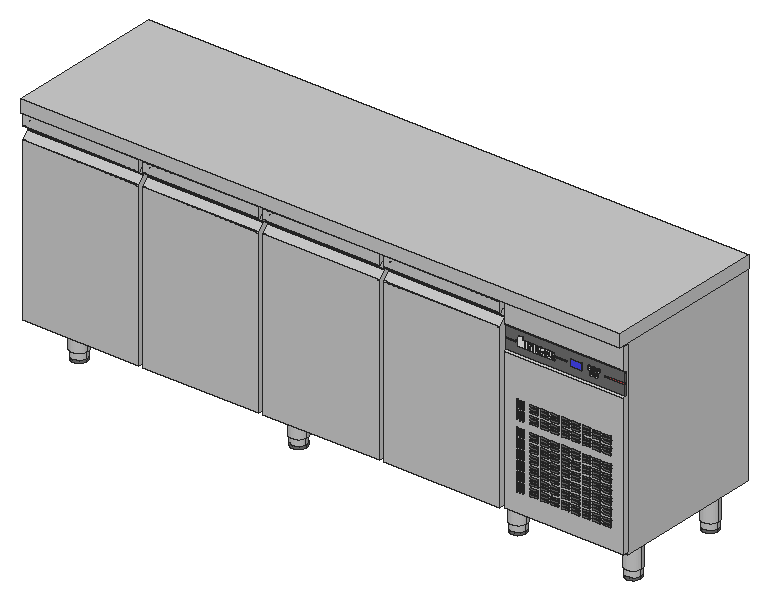
Revit family "QF_INOMAK_PMRP9999_250528093421", category Specialty Equipment, Revit 2021 (continued)
Definition of nested family "QF_INOMAK_REF_COUNTERS_DOORS_DRAWERS_35614"
  Nested families
    nested 6: "Sliding_Doors" at (0, 700, 0), Depth Actual <- "Depth Actual", Height Actual <- "Height Actual", Length Actual <- "Length Actual", Front inset <- "Front inset", Rear inset <- "Rear inset", Left panel thickness <- "Left panel thickness", Right panel thickness <- "Right panel thickness", Doors drawers type <- "Doors drawers type", Plinth height <- "Plinth height", Top inset <- "Top inset", Bottom inset <- "Bottom inset", Finish <- "Finish", type "Sliding doors"
      with Top inset 10 mm, Sliding doors no, Right panel thickness 0 mm, Rear inset 0 mm, Plinth height 0 mm, Length Actual 435 mm, Left panel thickness 0 mm, Height Actual 710 mm, Front inset 10 mm, Finish none, Doors drawers type 8, Depth Actual 700 mm, Bottom inset 10 mm
    nested 7: "4_Drawers_1-4" at (0, 700, 0), Depth Actual <- "Depth Actual", Height Actual <- "Height Actual", Length Actual <- "Length Actual", Front inset <- "Front inset", Rear inset <- "Rear inset", Left panel thickness <- "Left panel thickness", Right panel thickness <- "Right panel thickness", Doors drawers type <- "Doors drawers type", Plinth height <- "Plinth height", Top inset <- "Top inset", Bottom inset <- "Bottom inset", Finish <- "Finish", type "4 Drawers 1-4"
      with Top inset 10 mm, Right panel thickness 0 mm, Rear inset 0 mm, Plinth height 0 mm, Length Actual 435 mm, Left panel thickness 0 mm, Height Actual 710 mm, Front inset 10 mm, Finish none, Doors drawers type 8, Depth Actual 700 mm, Bottom inset 10 mm, 4 Drawers no
    nested 8: "Hinged_Doors" at (0, 700, 0), Length Actual <- "Length Actual", Depth Actual <- "Depth Actual", Height Actual <- "Height Actual", Front inset <- "Front inset", Rear inset <- "Rear inset", Left panel thickness <- "Left panel thickness", Right panel thickness <- "Right panel thickness", Doors drawers type <- "Doors drawers type", Plinth height <- "Plinth height", Top inset <- "Top inset", Bottom inset <- "Bottom inset", Finish <- "Finish", type "Hinged doors"
      with Top inset 10 mm, Right panel thickness 0 mm, Rear inset 0 mm, Plinth height 0 mm, Length Actual 435 mm, Left panel thickness 0 mm, Hinged doors no, Height Actual 710 mm, Front inset 10 mm, Finish none, Doors drawers type 8, Depth Actual 700 mm, Bottom inset 10 mm
    nested 9: "Hopper" at (0, 700, 1.284), Length Actual <- "Length Actual", Depth Actual <- "Depth Actual", Height Actual <- "Height Actual", Front inset <- "Front inset", Rear inset <- "Rear inset", Left panel thickness <- "Left panel thickness", Right panel thickness <- "Right panel thickness", Doors drawers type <- "Doors drawers type", Plinth height <- "Plinth height", Top inset <- "Top inset", Bottom inset <- "Bottom inset", Finish <- "Finish", type "Hopper"
      with Top inset 10 mm, Right panel thickness 0 mm, Rear inset 0 mm, Plinth height 0 mm, Length Actual 435 mm, Left panel thickness 0 mm, Hopper no, Height Actual 710 mm, Front inset 10 mm, Finish none, Doors drawers type 8, Depth Actual 700 mm, Bottom inset 10 mm
  Definition of nested family "Left_Door"
    Parameters (values of type "Left door")
      URL = "www.specifiglobal.com"
      Top inset [instance] = 10 mm
      Right panel thickness [instance] = 0 mm
      Rear inset [instance] = 0 mm
      Plinth height [instance] = 150 mm
      Model = ""
      Manufacturer = "DEMO CONSULTANT"
      Length Actual [instance] = 700 mm
      Left panel thickness [instance] = 0 mm
      Left hand hinged door [instance] = Doors drawers type = 8  # yes
      Height Actual [instance] = 710 mm
      Front inset [instance] = 10 mm
      Finish = none
      Doors drawers type [instance] = 8
      Description = ""
      Depth Actual [instance] = 700 mm
      Default Elevation = 0 mm
      Bottom inset [instance] = 0 mm
      Assembly Code = "E1090320"
    Reference planes
      plane 1 "Back": y = 0
      plane 2: z = 0
      plane 3 "Left": x = 0
      plane 4 "Right": x = 700
      plane 5 "Front": y = -700
      plane 6 "Top": z = 860
      plane 7 "Front legs": y = -690
      plane 8 "Legs top": z = 150
      plane 9 "Backsplash thickness": y = 0
      plane 10 "Left panel": x = 0
      plane 11 "Right panel": x = 700
      plane 12: z = 850
      plane 13: z = 150
    Forms (mm)
      Extrusion 1, solid, material <- "Finish", visible <- "Left hand hinged door"
        sketch origin (0, 0, 0) x (0, -1, 0) y (0, 0, 1)
          loop
            line (690, 150) -> (690, 764.365)
            arc (690, 764.365) -> (689.866, 765.037) -> (689.485, 765.607) r 1.757
            line (689.485, 765.607) -> (666.663, 788.429)
            arc (666.663, 788.429) -> (665.976, 789.458) -> (665.734, 790.672) r 3.172
            line (665.734, 790.672) -> (665.734, 817.576)
            arc (665.734, 817.576) -> (666.433, 819.262) -> (668.119, 819.961) r 2.385
            line (668.119, 819.961) -> (680.029, 819.961) -> (686.544, 810.657)
            arc (686.544, 810.657) -> (688.671, 809.935) -> (690, 811.747) r 1.9
            line (690, 811.747) -> (690, 850) -> (648, 850) -> (648, 150) -> (690, 150)
        from 0 to -700
      Extrusion 2, solid, visible <- "Left hand hinged door", detail levels coarse
        sketch origin (0, -700, 150) x (-1, 0, 0) y (0, 1, 0)
          loop
            arc (-700, 10) -> (-495.871, -481.066) -> (0, -673.23) r 677.11
            line (0, -673.23) -> (0, 10) -> (-700, 10)
        from 0 to -700
    Lines and regions (mm)
      symbolic lines, visible <- "Left hand hinged door"
        curve 1: line (0, -700, 150) -> (0, -1373.247, 150)
        curve 2: arc (0, -1373.247, 150) -> (492.316, -1184.595, 150) -> (700, -700, 150) r 676.963
    Dimensions and locks
      "Length Actual": plane 3 "Left" to plane 4 "Right"
      "Depth Actual": plane 5 "Front" to plane 1 "Back"
      "Height Actual": plane 6 "Top" to plane 8 "Legs top"
      "Front inset": plane 7 "Front legs" to plane 5 "Front"
      "Plinth height": plane 8 "Legs top" to plane 2
      "Rear inset": plane 9 "Backsplash thickness" to plane 1 "Back"
      "Right panel thickness": plane 11 "Right panel" to plane 4 "Right"
      "Left panel thickness": plane 3 "Left" to plane 10 "Left panel"
      "Top inset": plane 6 "Top" to plane 12
      "Bottom inset": plane 13 to plane 8 "Legs top"
      aligned and locked: level to plane 2
      aligned and locked: Extrusion 1 to plane 11 "Right panel"
      aligned and locked: plane 10 "Left panel" to Extrusion 2 sketch curve
      aligned and locked: plane 11 "Right panel" to Extrusion 2 sketch curve
      aligned and locked: Extrusion 2 sketch curve to plane 10 "Left panel"
      aligned and locked: plane 7 "Front legs" to Extrusion 2 sketch curve
      aligned and locked: plane 7 "Front legs" to Extrusion 2
      aligned and locked: plane 10 "Left panel" to Extrusion 2
      aligned and locked: Extrusion 2 to plane 12
      aligned and locked: Extrusion 1 sketch curve to plane 13
      aligned and locked: Extrusion 1 sketch curve to plane 7 "Front legs"
      aligned and locked: Extrusion 1 sketch curve to plane 12
    Automatic sketch dimensions
      Extrusion 1 sketch curve to Extrusion 1 sketch curve = 1.556 mm
      Extrusion 1 sketch curve to Extrusion 1 sketch curve = 11.91 mm
      Extrusion 1 sketch curve to Extrusion 1 sketch curve = 2.243 mm
      Extrusion 1 sketch curve to Extrusion 1 sketch curve = 2.385 mm
      Extrusion 1 sketch curve to Extrusion 1 sketch curve = 20.119 mm
      Extrusion 1 sketch curve to Extrusion 1 sketch curve = 22.822 mm
      Extrusion 1 sketch curve to Extrusion 1 sketch curve = 19.985 mm
      Extrusion 1 sketch curve to Extrusion 1 sketch curve = 6.919 mm
      Extrusion 1 sketch curve to Extrusion 1 sketch curve = 30.039 mm
      plane 7 "Front legs" to Extrusion 1 sketch curve = 42 mm
      Extrusion 1 sketch curve to Extrusion 1 sketch curve = 0.929 mm
      Extrusion 1 sketch curve to Extrusion 1 sketch curve = 6.515 mm
      Extrusion 1 sketch curve to Extrusion 1 sketch curve = 1.242 mm
      Extrusion 1 sketch curve to Extrusion 1 sketch curve = 1.9 mm
      Extrusion 1 sketch curve to Extrusion 1 sketch curve = 0.515 mm
      plane 5 "Front" to Extrusion 2 sketch curve = 3.492 mm
      plane 3 "Left" to Extrusion 2 sketch curve = 22.921 mm
      curve 1 to plane 3 "Left" = 0 mm
      curve 2 to plane 4 "Right" = 0 mm
      curve 2 to plane 5 "Front" = 0 mm
      curve 1 to plane 5 "Front" = 0 mm
      plane 5 "Front" to curve 2 = 3.324 mm
      plane 3 "Left" to curve 2 = 23.045 mm
  Definition of nested family "Right_Door"
    Parameters (values of type "Right door")
      URL = "www.specifiglobal.com"
      Top inset [instance] = 4 mm
      Right panel thickness [instance] = 35 mm
      Right hand hinged door [instance] = Doors drawers type = 9  # yes
      Rear inset [instance] = 10 mm
      Plinth height [instance] = 150 mm
      Model = ""
      Manufacturer = "DEMO CONSULTANT"
      Length Actual [instance] = 1700 mm
      Left panel thickness [instance] = 35 mm
      Height Actual [instance] = 900 mm
      Front inset [instance] = 10 mm
      Finish = none
      Doors drawers type [instance] = 9
      Description = ""
      Depth Actual [instance] = 700 mm
      Default Elevation = 0 mm
      Bottom inset [instance] = 4 mm
      Assembly Code = "E1090320"
    Reference planes
      plane 1 "Back": y = 0
      plane 2: z = 0
      plane 3 "Left": x = 0
      plane 4 "Right": x = 1700
      plane 5 "Front": y = -700
      plane 6 "Top": z = 1050
      plane 7 "Front legs": y = -690
      plane 8 "Legs top": z = 150
      plane 9 "Backsplash thickness": y = -10
      plane 10 "Left panel": x = 35
      plane 11 "Right panel": x = 1665
      plane 12: z = 1046
      plane 13: z = 154
    Forms (mm)
      Extrusion 1, solid, material <- "Finish", visible <- "Right hand hinged door"
        sketch origin (35, 0, 0) x (0, -1, 0) y (0, 0, 1)
          loop
            line (690, 154) -> (690, 960.365)
            arc (690, 960.365) -> (689.866, 961.037) -> (689.485, 961.607) r 1.757
            line (689.485, 961.607) -> (666.663, 984.429)
            arc (666.663, 984.429) -> (665.976, 985.458) -> (665.734, 986.672) r 3.172
            line (665.734, 986.672) -> (665.734, 1013.576)
            arc (665.734, 1013.576) -> (666.433, 1015.262) -> (668.119, 1015.961) r 2.385
            line (668.119, 1015.961) -> (680.029, 1015.961) -> (686.544, 1006.657)
            arc (686.544, 1006.657) -> (688.671, 1005.935) -> (690, 1007.747) r 1.9
            line (690, 1007.747) -> (690, 1046) -> (648, 1046) -> (648, 154) -> (690, 154)
        from 0 to -1630
      Extrusion 2, solid, visible <- "Right hand hinged door", detail levels coarse
        sketch origin (0, -700, 154) x (-1, 0, 0) y (0, 1, 0)
          loop
            line (-1665, 10) -> (-1665, -1637.12)
            arc (-1665, -1637.12) -> (-517.894, -1142.214) -> (-35, 10) r 1670.236
            line (-35, 10) -> (-1665, 10)
        from 0 to -892
    Lines and regions (mm)
      symbolic lines, visible <- "Right hand hinged door"
        curve 1: line (1665, -2337.12, 150) -> (1665, -700, 150)
        curve 2: arc (1665, -2337.12, 150) -> (521.415, -1845.762, 150) -> (35.165, -699.995, 150) r 1670.236
    Dimensions and locks
      "Length Actual": plane 3 "Left" to plane 4 "Right"
      "Depth Actual": plane 5 "Front" to plane 1 "Back"
      "Height Actual": plane 6 "Top" to plane 8 "Legs top"
      "Front inset": plane 7 "Front legs" to plane 5 "Front"
      "Plinth height": plane 8 "Legs top" to plane 2
      "Rear inset": plane 9 "Backsplash thickness" to plane 1 "Back"
      "Right panel thickness": plane 11 "Right panel" to plane 4 "Right"
      "Left panel thickness": plane 3 "Left" to plane 10 "Left panel"
      "Top inset": plane 6 "Top" to plane 12
      "Bottom inset": plane 13 to plane 8 "Legs top"
      aligned and locked: level to plane 2
      aligned and locked: Extrusion 1 to plane 11 "Right panel"
      aligned and locked: plane 10 "Left panel" to Extrusion 2 sketch curve
      aligned and locked: plane 11 "Right panel" to Extrusion 2 sketch curve
      aligned and locked: plane 7 "Front legs" to Extrusion 2
      aligned and locked: plane 7 "Front legs" to Extrusion 2 sketch curve
      aligned and locked: Extrusion 2 sketch curve to plane 11 "Right panel"
      aligned and locked: curve 1 to Extrusion 2
      aligned and locked: plane 5 "Front" to curve 1
      aligned and locked: Extrusion 2 to plane 12
      aligned and locked: Extrusion 1 sketch curve to plane 12
      aligned and locked: Extrusion 1 sketch curve to plane 7 "Front legs"
      aligned and locked: Extrusion 1 sketch curve to plane 13
      aligned and locked: curve 2 to Extrusion 2
    Automatic sketch dimensions
      Extrusion 1 sketch curve to Extrusion 1 sketch curve = 1.556 mm
      Extrusion 1 sketch curve to Extrusion 1 sketch curve = 11.91 mm
      Extrusion 1 sketch curve to Extrusion 1 sketch curve = 2.243 mm
      Extrusion 1 sketch curve to Extrusion 1 sketch curve = 2.385 mm
      Extrusion 1 sketch curve to Extrusion 1 sketch curve = 20.119 mm
      Extrusion 1 sketch curve to Extrusion 1 sketch curve = 22.822 mm
      Extrusion 1 sketch curve to Extrusion 1 sketch curve = 19.985 mm
      Extrusion 1 sketch curve to Extrusion 1 sketch curve = 6.919 mm
      Extrusion 1 sketch curve to Extrusion 1 sketch curve = 30.039 mm
      plane 7 "Front legs" to Extrusion 1 sketch curve = 42 mm
      Extrusion 1 sketch curve to Extrusion 1 sketch curve = 0.929 mm
      Extrusion 1 sketch curve to Extrusion 1 sketch curve = 6.515 mm
      Extrusion 1 sketch curve to Extrusion 1 sketch curve = 1.242 mm
      Extrusion 1 sketch curve to Extrusion 1 sketch curve = 1.9 mm
      Extrusion 1 sketch curve to Extrusion 1 sketch curve = 0.515 mm
      Extrusion 2 sketch curve to plane 4 "Right" = 5.083 mm
      plane 7 "Front legs" to Extrusion 2 sketch curve = 22.635 mm
      plane 5 "Front" to curve 2 = 0.005 mm
  Definition of nested family "3_Drawers_1-3"
    Parameters (values of type "3 Drawers 1-3")
      URL = "www.specifiglobal.com"
      Top inset [instance] = 4 mm
      Right panel thickness [instance] = 35 mm
      Rear inset [instance] = 10 mm
      Plinth height [instance] = 150 mm
      Model = ""
      Manufacturer = "DEMO CONSULTANT"
      Length Actual [instance] = 1200 mm
      Left panel thickness [instance] = 35 mm
      Height Actual [instance] = 900 mm
      Front inset [instance] = 10 mm
      Finish = none
      Doors drawers type [instance] = 6
      Description = ""
      Depth Actual [instance] = 700 mm
      Default Elevation = 0 mm
      Bottom inset [instance] = 4 mm
      Assembly Code = "E1090320"
      3 Drawers [instance] = Doors drawers type = 6  # yes
    Reference planes
      plane 1 "Back": y = 0
      plane 2: z = 0
      plane 3 "Left": x = 0
      plane 4 "Right": x = 1200
      plane 5 "Front": y = -700
      plane 6 "Top": z = 1050
      plane 7 "Front legs": y = -690
      plane 8 "Legs top": z = 150
      plane 9 "Backsplash thickness": y = -10
      plane 10 "Left panel": x = 35
      plane 11 "Right panel": x = 1165
      plane 12: z = 749.333
      plane 13: z = 1046
      plane 14: z = 751.667
      plane 15: z = 747
      plane 16: z = 1048
      plane 17: z = 450.667
      plane 18: z = 453.333
      plane 19: z = 448
      plane 20: z = 154
      plane 21: z = 152
    Forms (mm)
      Extrusion 1, solid, material <- "Finish", visible <- "3 Drawers"
        sketch origin (35, 0, 0) x (0, -1, 0) y (0, 0, 1)
          loop
            line (690, 751.667) -> (690, 960.365)
            arc (690, 960.365) -> (689.866, 961.037) -> (689.485, 961.607) r 1.757
            line (689.485, 961.607) -> (666.663, 984.429)
            arc (666.663, 984.429) -> (665.976, 985.458) -> (665.734, 986.672) r 3.172
            line (665.734, 986.672) -> (665.734, 1013.576)
            arc (665.734, 1013.576) -> (666.433, 1015.262) -> (668.119, 1015.961) r 2.385
            line (668.119, 1015.961) -> (680.029, 1015.961) -> (686.544, 1006.657)
            arc (686.544, 1006.657) -> (688.671, 1005.935) -> (690, 1007.747) r 1.9
            line (690, 1007.747) -> (690, 1046) -> (648, 1046) -> (648, 751.667) -> (690, 751.667)
        from 0 to -1130
      Extrusion 2, solid, visible <- "3 Drawers", detail levels coarse
        sketch origin (0, -640.463, 751.667) x (0, 1, 0) y (-1, 0, 0)
          loop
            line (-49.537, -35) -> (-624.582, -35) -> (-624.582, -1165) -> (-49.537, -1165) -> (-49.537, -35)
        from 0 to 294.333
      Extrusion 3, solid, visible <- "3 Drawers", detail levels coarse
        sketch origin (0, -640.463, 453.333) x (0, 1, 0) y (-1, 0, 0)
          loop
            line (-49.537, -35) -> (-624.582, -35) -> (-624.582, -1165) -> (-49.537, -1165) -> (-49.537, -35)
        from 0 to 293.667
      Extrusion 4, solid, visible <- "3 Drawers", detail levels coarse
        sketch origin (0, -700, 154) x (-1, 0, 0) y (0, 1, 0)
          loop
            line (-35, 10) -> (-1165, 10) -> (-1165, -565.045) -> (-35, -565.045) -> (-35, 10)
        from 0 to -294
      Extrusion 5, solid, material <- "Finish", visible <- "3 Drawers"
        sketch origin (35, 0, -220.667) x (0, -1, 0) y (0, 0, 1)
          loop
            line (690, 674) -> (690, 882.031)
            arc (690, 882.031) -> (689.866, 882.704) -> (689.485, 883.274) r 1.757
            line (689.485, 883.274) -> (666.663, 906.096)
            arc (666.663, 906.096) -> (665.976, 907.125) -> (665.734, 908.339) r 3.172
            line (665.734, 908.339) -> (665.734, 935.243)
            arc (665.734, 935.243) -> (666.433, 936.929) -> (668.119, 937.628) r 2.385
            line (668.119, 937.628) -> (680.029, 937.628) -> (686.544, 928.324)
            arc (686.544, 928.324) -> (688.671, 927.602) -> (690, 929.414) r 1.9
            line (690, 929.414) -> (690, 967.667) -> (648, 967.667) -> (648, 674) -> (690, 674)
        from 0 to -1130
      Extrusion 6, solid, material <- "Finish", visible <- "3 Drawers"
        sketch origin (35, 0, -441.333) x (0, -1, 0) y (0, 0, 1)
          loop
            line (690, 595.333) -> (690, 800.031)
            arc (690, 800.031) -> (689.866, 800.704) -> (689.485, 801.274) r 1.757
            line (689.485, 801.274) -> (666.663, 824.096)
            arc (666.663, 824.096) -> (665.976, 825.125) -> (665.734, 826.339) r 3.172
            line (665.734, 826.339) -> (665.734, 857.243)
            arc (665.734, 857.243) -> (666.433, 858.929) -> (668.119, 859.628) r 2.385
            line (668.119, 859.628) -> (680.029, 859.628) -> (686.544, 850.324)
            arc (686.544, 850.324) -> (688.671, 849.602) -> (690, 851.414) r 1.9
            line (690, 851.414) -> (690, 889.333) -> (648, 889.333) -> (648, 595.333) -> (690, 595.333)
        from 0 to -1130
    Lines and regions (mm)
      symbolic lines, visible <- "3 Drawers"
        curve 1: line (35, -850, 900) -> (35, -890, 900)
        curve 2: line (35, -890, 900) -> (1165, -890, 900)
        curve 3: line (1165, -890, 900) -> (1165, -850, 900)
        curve 4: line (1165, -850, 900) -> (35, -850, 900)
        curve 5: line (1135, -850, 900) -> (1135, -700, 900)
        curve 6: line (65, -850, 900) -> (65, -700, 900)
        curve 7: line (35, -1040, 900) -> (35, -1080, 900)
        curve 8: line (35, -1080, 900) -> (1165, -1080, 900)
        curve 9: line (1165, -1080, 900) -> (1165, -1040, 900)
        curve 10: line (1165, -1040, 900) -> (35, -1040, 900)
        curve 11: line (1135, -1040, 900) -> (1135, -890, 900)
        curve 12: line (65, -1040, 900) -> (65, -890, 900)
        curve 13: line (35, -1225, 900) -> (35, -1265, 900)
        curve 14: line (35, -1265, 900) -> (1165, -1265, 900)
        curve 15: line (1165, -1265, 900) -> (1165, -1225, 900)
        curve 16: line (1165, -1225, 900) -> (35, -1225, 900)
        curve 17: line (1135, -1225, 900) -> (1135, -1080, 900)
        curve 18: line (65, -1225, 900) -> (65, -1080, 900)
    Dimensions and locks
      "Length Actual": plane 3 "Left" to plane 4 "Right"
      "Depth Actual": plane 5 "Front" to plane 1 "Back"
      "Height Actual": plane 6 "Top" to plane 8 "Legs top"
      "Front inset": plane 7 "Front legs" to plane 5 "Front"
      "Plinth height": plane 8 "Legs top" to plane 2
      "Rear inset": plane 9 "Backsplash thickness" to plane 1 "Back"
      "Right panel thickness": plane 11 "Right panel" to plane 4 "Right"
      "Left panel thickness": plane 3 "Left" to plane 10 "Left panel"
      plane 14 to plane 15 = 4.667 mm
      equal spacing: plane 14, plane 12, plane 15
      locked: plane 16 to plane 13 at 2
      equal spacing: plane 18, plane 17, plane 19
      plane 18 to plane 19 = 5.333 mm
      "Bottom inset": plane 20 to plane 8 "Legs top"
      equal spacing: plane 21, plane 17, plane 12, plane 16
      "Top inset": plane 13 to plane 6 "Top"
      locked: plane 21 to plane 20 at 2
      aligned and locked: level to plane 2
      aligned and locked: Extrusion 1 to plane 11 "Right panel"
      aligned and locked: plane 10 "Left panel" to curve 1
      aligned and locked: plane 10 "Left panel" to curve 7
      aligned and locked: plane 10 "Left panel" to curve 13
      aligned and locked: Extrusion 2 sketch curve to plane 10 "Left panel"
      aligned and locked: plane 11 "Right panel" to Extrusion 2 sketch curve
      aligned and locked: Extrusion 3 sketch curve to plane 10 "Left panel"
      aligned and locked: plane 11 "Right panel" to Extrusion 3 sketch curve
      aligned and locked: Extrusion 4 sketch curve to plane 10 "Left panel"
      aligned and locked: plane 11 "Right panel" to Extrusion 4 sketch curve
      aligned and locked: Extrusion 2 to plane 13
      aligned and locked: Extrusion 3 to plane 15
      aligned and locked: Extrusion 4 to plane 19
      aligned and locked: Extrusion 5 to plane 11 "Right panel"
      aligned and locked: Extrusion 6 to plane 11 "Right panel"
      aligned and locked: Extrusion 1 sketch curve to plane 13
      aligned and locked: Extrusion 1 sketch curve to plane 7 "Front legs"
      aligned and locked: plane 18 to Extrusion 5 sketch curve
      aligned and locked: Extrusion 6 sketch curve to Extrusion 4  (x2)
      aligned and locked: Extrusion 5 sketch curve to plane 15
      aligned and locked: Extrusion 4 to Extrusion 5 sketch curve
      aligned and locked: Extrusion 6 sketch curve to plane 19
      aligned and locked: Extrusion 6 sketch curve to plane 20
    Automatic sketch dimensions
      Extrusion 2 sketch curve to plane 7 "Front legs" = 0 mm
      Extrusion 2 sketch curve to plane 5 "Front" = 565.045 mm
      Extrusion 3 sketch curve to plane 7 "Front legs" = 0 mm
      Extrusion 3 sketch curve to plane 5 "Front" = 565.045 mm
      Extrusion 4 sketch curve to plane 7 "Front legs" = 0 mm
      Extrusion 4 sketch curve to plane 5 "Front" = 565.045 mm
      curve 14 to plane 11 "Right panel" = 0 mm
      curve 8 to plane 11 "Right panel" = 0 mm
      curve 3 to plane 11 "Right panel" = 0 mm
      curve 6 to plane 5 "Front" = 0 mm
      curve 5 to plane 5 "Front" = 0 mm
      curve 1 to plane 5 "Front" = 150 mm
      curve 2 to curve 3 = 40 mm
      curve 10 to curve 1 = 150 mm
      curve 9 to curve 9 = 40 mm
      curve 13 to curve 7 = 145 mm
      curve 14 to curve 13 = 40 mm
      curve 3 to curve 5 = 30 mm
      curve 15 to curve 17 = 30 mm
      curve 11 to curve 17 = 0 mm
      curve 6 to plane 10 "Left panel" = 30 mm
      curve 18 to plane 10 "Left panel" = 30 mm
      curve 12 to curve 18 = 0 mm
      Extrusion 1 sketch curve to plane 14 = 0 mm
      Extrusion 1 sketch curve to plane 7 "Front legs" = 0 mm
      plane 7 "Front legs" to Extrusion 1 sketch curve = 0.515 mm
      plane 7 "Front legs" to Extrusion 1 sketch curve = 1.757 mm
      plane 7 "Front legs" to Extrusion 1 sketch curve = 1.9 mm
      Extrusion 1 sketch curve to Extrusion 1 sketch curve = 1.556 mm
      plane 7 "Front legs" to Extrusion 1 sketch curve = 9.971 mm
      plane 7 "Front legs" to Extrusion 1 sketch curve = 21.094 mm
      Extrusion 1 sketch curve to Extrusion 1 sketch curve = 11.91 mm
      Extrusion 1 sketch curve to Extrusion 1 sketch curve = 2.243 mm
      Extrusion 1 sketch curve to Extrusion 1 sketch curve = 2.385 mm
      Extrusion 1 sketch curve to Extrusion 1 sketch curve = 20.119 mm
      plane 13 to Extrusion 1 sketch curve = 85.635 mm
      Extrusion 1 sketch curve to Extrusion 1 sketch curve = 22.822 mm
      Extrusion 1 sketch curve to Extrusion 1 sketch curve = 19.985 mm
      Extrusion 1 sketch curve to Extrusion 1 sketch curve = 6.919 mm
      plane 15 to Extrusion 5 sketch curve = 59.328 mm
      Extrusion 5 sketch curve to Extrusion 5 sketch curve = 17.734 mm
      plane 15 to Extrusion 5 sketch curve = 61.571 mm
      Extrusion 5 sketch curve to Extrusion 5 sketch curve = 0.929 mm
      Extrusion 5 sketch curve to Extrusion 5 sketch curve = 2.385 mm
      Extrusion 5 sketch curve to Extrusion 5 sketch curve = 11.91 mm
      Extrusion 5 sketch curve to Extrusion 5 sketch curve = 6.515 mm
      Extrusion 5 sketch curve to Extrusion 5 sketch curve = 1.556 mm
      Extrusion 5 sketch curve to Extrusion 5 sketch curve = 21.58 mm
      plane 15 to Extrusion 5 sketch curve = 84.393 mm
      Extrusion 5 sketch curve to Extrusion 5 sketch curve = 1.242 mm
      Extrusion 5 sketch curve to Extrusion 5 sketch curve = 1.9 mm
      Extrusion 5 sketch curve to Extrusion 5 sketch curve = 0.515 mm
      Extrusion 5 sketch curve to Extrusion 5 sketch curve = 6.919 mm
      Extrusion 5 sketch curve to Extrusion 5 sketch curve = 30.039 mm
      plane 7 "Front legs" to Extrusion 6 sketch curve = 0.515 mm
      plane 7 "Front legs" to Extrusion 6 sketch curve = 1.757 mm
      plane 7 "Front legs" to Extrusion 6 sketch curve = 1.9 mm
      Extrusion 6 sketch curve to Extrusion 6 sketch curve = 1.556 mm
      plane 7 "Front legs" to Extrusion 6 sketch curve = 9.971 mm
      plane 7 "Front legs" to Extrusion 6 sketch curve = 21.094 mm
      Extrusion 6 sketch curve to Extrusion 6 sketch curve = 11.91 mm
      Extrusion 6 sketch curve to Extrusion 6 sketch curve = 2.243 mm
      Extrusion 6 sketch curve to Extrusion 6 sketch curve = 2.385 mm
      Extrusion 6 sketch curve to Extrusion 6 sketch curve = 20.119 mm
      plane 19 to Extrusion 6 sketch curve = 89.302 mm
      Extrusion 6 sketch curve to Extrusion 6 sketch curve = 22.822 mm
      Extrusion 6 sketch curve to Extrusion 6 sketch curve = 23.985 mm
      Extrusion 6 sketch curve to Extrusion 6 sketch curve = 6.919 mm
  Definition of nested family "2_Drawers_1-2"
    Parameters (values of type "2 Drawers 1-2")
      URL = "www.specifiglobal.com"
      Top inset [instance] = 4 mm
      Right panel thickness [instance] = 35 mm
      Rear inset [instance] = 10 mm
      Plinth height [instance] = 150 mm
      Model = ""
      Manufacturer = "DEMO CONSULTANT"
      Length Actual [instance] = 1200 mm
      Left panel thickness [instance] = 35 mm
      Height Actual [instance] = 900 mm
      Front inset [instance] = 10 mm
      Finish = none
      Doors drawers type [instance] = 4
      Description = ""
      Depth Actual [instance] = 700 mm
      Default Elevation = 0 mm
      Bottom inset [instance] = 4 mm
      Assembly Code = "E1090320"
      2 Drawers [instance] = Doors drawers type = 4  # yes
    Reference planes
      plane 1 "Back": y = 0
      plane 2: z = 0
      plane 3 "Left": x = 0
      plane 4 "Right": x = 1200
      plane 5 "Front": y = -700
      plane 6 "Top": z = 1050
      plane 7 "Front legs": y = -690
      plane 8 "Legs top": z = 150
      plane 9 "Backsplash thickness": y = -10
      plane 10 "Left panel": x = 35
      plane 11 "Right panel": x = 1165
      plane 12: z = 600
      plane 13: z = 1046
      plane 14: z = 602
      plane 15: z = 598
      plane 16: z = 154
    Forms (mm)
      Extrusion 1, solid, material <- "Finish", visible <- "2 Drawers"
        sketch origin (35, 0, 0) x (0, -1, 0) y (0, 0, 1)
          loop
            line (690, 602) -> (690, 960.365)
            arc (690, 960.365) -> (689.866, 961.037) -> (689.485, 961.607) r 1.757
            line (689.485, 961.607) -> (666.663, 984.429)
            arc (666.663, 984.429) -> (665.976, 985.458) -> (665.734, 986.672) r 3.172
            line (665.734, 986.672) -> (665.734, 1013.576)
            arc (665.734, 1013.576) -> (666.433, 1015.262) -> (668.119, 1015.961) r 2.385
            line (668.119, 1015.961) -> (680.029, 1015.961) -> (686.544, 1006.657)
            arc (686.544, 1006.657) -> (688.671, 1005.935) -> (690, 1007.747) r 1.9
            line (690, 1007.747) -> (690, 1046) -> (648, 1046) -> (648, 602) -> (690, 602)
        from 0 to -1130
      Extrusion 2, solid, visible <- "2 Drawers", detail levels coarse
        sketch origin (0, -640.463, 602) x (0, 1, 0) y (-1, 0, 0)
          loop
            line (-49.537, -35) -> (-624.537, -35) -> (-624.537, -1165) -> (-49.537, -1165) -> (-49.537, -35)
        from 0 to 444
      Extrusion 3, solid, visible <- "2 Drawers", detail levels coarse
        sketch origin (0, -700, 154) x (-1, 0, 0) y (0, 1, 0)
          loop
            line (-35, 10) -> (-1165, 10) -> (-1165, -565) -> (-35, -565) -> (-35, 10)
        from 0 to -444
      Extrusion 4, solid, material <- "Finish", visible <- "2 Drawers"
        sketch origin (35, 0, -441.333) x (0, -1, 0) y (0, 0, 1)
          loop
            line (690, 595.333) -> (690, 953.698)
            arc (690, 953.698) -> (689.866, 954.37) -> (689.485, 954.94) r 1.757
            line (689.485, 954.94) -> (666.663, 977.763)
            arc (666.663, 977.763) -> (665.976, 978.792) -> (665.734, 980.006) r 3.172
            line (665.734, 980.006) -> (665.734, 1006.909)
            arc (665.734, 1006.909) -> (666.433, 1008.596) -> (668.119, 1009.294) r 2.385
            line (668.119, 1009.294) -> (680.029, 1009.294) -> (686.544, 999.991)
            arc (686.544, 999.991) -> (688.671, 999.268) -> (690, 1001.08) r 1.9
            line (690, 1001.08) -> (690, 1039.333) -> (648, 1039.333) -> (648, 595.333) -> (690, 595.333)
        from 0 to -1130
    Lines and regions (mm)
      symbolic lines, visible <- "2 Drawers"
        curve 1: line (35, -940, 900) -> (35, -980, 900)
        curve 2: line (35, -980, 900) -> (1165, -980, 900)
        curve 3: line (1165, -980, 900) -> (1165, -940, 900)
        curve 4: line (1165, -940, 900) -> (35, -940, 900)
        curve 5: line (1135, -940, 900) -> (1135, -700, 900)
        curve 6: line (65, -940, 900) -> (65, -700, 900)
        curve 7: line (35, -1225, 900) -> (35, -1265, 900)
        curve 8: line (35, -1265, 900) -> (1165, -1265, 900)
        curve 9: line (1165, -1265, 900) -> (1165, -1225, 900)
        curve 10: line (1165, -1225, 900) -> (35, -1225, 900)
        curve 11: line (1135, -1225, 900) -> (1135, -980, 900)
        curve 12: line (65, -1225, 900) -> (65, -980, 900)
    Dimensions and locks
      "Length Actual": plane 3 "Left" to plane 4 "Right"
      "Depth Actual": plane 5 "Front" to plane 1 "Back"
      "Height Actual": plane 6 "Top" to plane 8 "Legs top"
      "Front inset": plane 7 "Front legs" to plane 5 "Front"
      "Plinth height": plane 8 "Legs top" to plane 2
      "Rear inset": plane 9 "Backsplash thickness" to plane 1 "Back"
      "Right panel thickness": plane 11 "Right panel" to plane 4 "Right"
      "Left panel thickness": plane 3 "Left" to plane 10 "Left panel"
      "Top inset": plane 6 "Top" to plane 13
      "Bottom inset": plane 16 to plane 8 "Legs top"
      equal spacing: plane 16, plane 12, plane 13
      locked: plane 14 to plane 12 at 2
      locked: plane 15 to plane 12 at 2
      aligned and locked: level to plane 2
      aligned and locked: Extrusion 1 to plane 11 "Right panel"
      aligned and locked: plane 10 "Left panel" to curve 1
      aligned and locked: plane 10 "Left panel" to curve 7
      aligned and locked: Extrusion 2 sketch curve to plane 10 "Left panel"
      aligned and locked: plane 11 "Right panel" to Extrusion 2 sketch curve
      aligned and locked: Extrusion 3 sketch curve to plane 10 "Left panel"
      aligned and locked: plane 11 "Right panel" to Extrusion 3 sketch curve
      aligned and locked: Extrusion 2 to plane 13
      aligned and locked: Extrusion 4 to plane 11 "Right panel"
      aligned and locked: Extrusion 3 to plane 15
      aligned and locked: Extrusion 1 sketch curve to plane 13
      aligned and locked: Extrusion 1 sketch curve to plane 7 "Front legs"
      aligned and locked: plane 14 to Extrusion 1 sketch curve
      aligned and locked: Extrusion 4 sketch curve to plane 15
      aligned and locked: Extrusion 4 sketch curve to plane 7 "Front legs"
      aligned and locked: Extrusion 4 sketch curve to plane 16
    Automatic sketch dimensions
      Extrusion 2 sketch curve to plane 7 "Front legs" = 0 mm
      Extrusion 2 sketch curve to plane 5 "Front" = 565 mm
      Extrusion 3 sketch curve to plane 7 "Front legs" = 0 mm
      Extrusion 3 sketch curve to plane 5 "Front" = 565 mm
      curve 9 to plane 11 "Right panel" = 0 mm
      curve 2 to plane 11 "Right panel" = 0 mm
      curve 5 to plane 5 "Front" = 0 mm
      curve 6 to plane 5 "Front" = 0 mm
      curve 1 to plane 5 "Front" = 240 mm
      curve 3 to curve 3 = 40 mm
      curve 7 to curve 1 = 245 mm
      curve 8 to curve 9 = 40 mm
      plane 11 "Right panel" to curve 5 = 30 mm
      curve 2 to curve 11 = 30 mm
      curve 6 to plane 10 "Left panel" = 30 mm
      curve 12 to plane 10 "Left panel" = 30 mm
      Extrusion 1 sketch curve to Extrusion 1 sketch curve = 17.734 mm
      Extrusion 1 sketch curve to Extrusion 1 sketch curve = 0.929 mm
      Extrusion 1 sketch curve to Extrusion 1 sketch curve = 2.385 mm
      Extrusion 1 sketch curve to Extrusion 1 sketch curve = 3.172 mm
      Extrusion 1 sketch curve to Extrusion 1 sketch curve = 11.91 mm
      Extrusion 1 sketch curve to Extrusion 1 sketch curve = 6.515 mm
      Extrusion 1 sketch curve to Extrusion 1 sketch curve = 1.556 mm
      Extrusion 1 sketch curve to Extrusion 1 sketch curve = 21.58 mm
      Extrusion 1 sketch curve to Extrusion 1 sketch curve = 1.242 mm
      Extrusion 1 sketch curve to Extrusion 1 sketch curve = 1.9 mm
      Extrusion 1 sketch curve to Extrusion 1 sketch curve = 0.515 mm
      Extrusion 1 sketch curve to Extrusion 1 sketch curve = 22.822 mm
      Extrusion 1 sketch curve to Extrusion 1 sketch curve = 19.985 mm
      Extrusion 1 sketch curve to Extrusion 1 sketch curve = 6.919 mm
      Extrusion 1 sketch curve to Extrusion 1 sketch curve = 30.039 mm
      Extrusion 4 sketch curve to plane 7 "Front legs" = 0 mm
      plane 7 "Front legs" to Extrusion 4 sketch curve = 0.515 mm
      plane 7 "Front legs" to Extrusion 4 sketch curve = 1.757 mm
      plane 7 "Front legs" to Extrusion 4 sketch curve = 1.9 mm
      Extrusion 4 sketch curve to Extrusion 4 sketch curve = 1.556 mm
      plane 7 "Front legs" to Extrusion 4 sketch curve = 9.971 mm
      plane 7 "Front legs" to Extrusion 4 sketch curve = 21.094 mm
      Extrusion 4 sketch curve to Extrusion 4 sketch curve = 11.91 mm
      Extrusion 4 sketch curve to Extrusion 4 sketch curve = 2.243 mm
      Extrusion 4 sketch curve to Extrusion 4 sketch curve = 2.385 mm
      Extrusion 4 sketch curve to Extrusion 4 sketch curve = 20.119 mm
      Extrusion 4 sketch curve to Extrusion 4 sketch curve = 22.822 mm
      Extrusion 4 sketch curve to Extrusion 4 sketch curve = 19.985 mm
      Extrusion 4 sketch curve to Extrusion 4 sketch curve = 6.919 mm
      Extrusion 4 sketch curve to Extrusion 4 sketch curve = 30.039 mm
  Definition of nested family "2_Drawers_1-3_2-3"
    Parameters (values of type "2 Drawers 1-3 and 2-3")
      URL = "www.specifiglobal.com"
      Top inset [instance] = 4 mm
      Right panel thickness [instance] = 35 mm
      Rear inset [instance] = 10 mm
      Plinth height [instance] = 150 mm
      Model = ""
      Manufacturer = "DEMO CONSULTANT"
      Length Actual [instance] = 1200 mm
      Left panel thickness [instance] = 35 mm
      Height Actual [instance] = 900 mm
      Front inset [instance] = 10 mm
      Finish = none
      Doors drawers type [instance] = 5
      Description = ""
      Depth Actual [instance] = 700 mm
      Default Elevation = 0 mm
      Bottom inset [instance] = 4 mm
      Assembly Code = "E1090320"
      2 Drawers 1-3 and 2-3 [instance] = Doors drawers type = 5  # yes
    Reference planes
      plane 1 "Back": y = 0
      plane 2: z = 0
      plane 3 "Left": x = 0
      plane 4 "Right": x = 1200
      plane 5 "Front": y = -700
      plane 6 "Top": z = 1050
      plane 7 "Front legs": y = -690
      plane 8 "Legs top": z = 150
      plane 9 "Backsplash thickness": y = -10
      plane 10 "Left panel": x = 35
      plane 11 "Right panel": x = 1165
      plane 12: z = 1046
      plane 13: z = 751.833
      plane 14: z = 746.833
      plane 15: z = 154
      plane 16: z = 450.667
      plane 17: z = 152
      plane 18: z = 1048
      plane 19: z = 749.333
    Forms (mm)
      Extrusion 1, solid, material <- "Finish", visible <- "2 Drawers 1-3 and 2-3"
        sketch origin (35, 0, 0) x (0, -1, 0) y (0, 0, 1)
          loop
            line (690, 751.833) -> (690, 960.365)
            arc (690, 960.365) -> (689.866, 961.037) -> (689.485, 961.607) r 1.757
            line (689.485, 961.607) -> (666.663, 984.429)
            arc (666.663, 984.429) -> (665.976, 985.458) -> (665.734, 986.672) r 3.172
            line (665.734, 986.672) -> (665.734, 1013.576)
            arc (665.734, 1013.576) -> (666.433, 1015.262) -> (668.119, 1015.961) r 2.385
            line (668.119, 1015.961) -> (680.029, 1015.961) -> (686.544, 1006.657)
            arc (686.544, 1006.657) -> (688.671, 1005.935) -> (690, 1007.747) r 1.9
            line (690, 1007.747) -> (690, 1046) -> (648, 1046) -> (648, 751.833) -> (690, 751.833)
        from 0 to -1130
      Extrusion 2, solid, visible <- "2 Drawers 1-3 and 2-3", detail levels coarse
        sketch origin (0, -640.463, 751.833) x (0, 1, 0) y (-1, 0, 0)
          loop
            line (-49.537, -35) -> (-624.537, -35) -> (-624.537, -1165) -> (-49.537, -1165) -> (-49.537, -35)
        from 0 to 294.167
      Extrusion 3, solid, visible <- "2 Drawers 1-3 and 2-3", detail levels coarse
        sketch origin (0, -700, 154) x (-1, 0, 0) y (0, 1, 0)
          loop
            line (-35, 10) -> (-1165, 10) -> (-1165, -565) -> (-35, -565) -> (-35, 10)
        from 0 to -592.833
      Extrusion 4, solid, material <- "Finish", visible <- "2 Drawers 1-3 and 2-3"
        sketch origin (35, 0, -441.333) x (0, -1, 0) y (0, 0, 1)
          loop
            line (690, 595.333) -> (690, 1101.698)
            arc (690, 1101.698) -> (689.866, 1102.37) -> (689.485, 1102.94) r 1.757
            line (689.485, 1102.94) -> (666.663, 1126.596)
            arc (666.663, 1126.596) -> (665.976, 1127.625) -> (665.734, 1128.839) r 3.172
            line (665.734, 1128.839) -> (665.734, 1155.743)
            arc (665.734, 1155.743) -> (666.433, 1157.429) -> (668.119, 1158.128) r 2.385
            line (668.119, 1158.128) -> (680.029, 1158.128) -> (686.544, 1148.824)
            arc (686.544, 1148.824) -> (688.671, 1148.102) -> (690, 1149.914) r 1.9
            line (690, 1149.914) -> (690, 1188.167) -> (648, 1188.167) -> (648, 595.333) -> (690, 595.333)
        from 0 to -1130
    Lines and regions (mm)
      symbolic lines, visible <- "2 Drawers 1-3 and 2-3"
        curve 1: line (35, -1000, 900) -> (35, -1040, 900)
        curve 2: line (35, -1040, 900) -> (1165, -1040, 900)
        curve 3: line (1165, -1040, 900) -> (1165, -1000, 900)
        curve 4: line (1165, -1000, 900) -> (35, -1000, 900)
        curve 5: line (1135, -1000, 900) -> (1135, -700, 900)
        curve 6: line (65, -1000, 900) -> (65, -700, 900)
        curve 7: line (35, -1225, 900) -> (35, -1265, 900)
        curve 8: line (35, -1265, 900) -> (1165, -1265, 900)
        curve 9: line (1165, -1265, 900) -> (1165, -1225, 900)
        curve 10: line (1165, -1225, 900) -> (35, -1225, 900)
        curve 11: line (1135, -1225, 900) -> (1135, -1040, 900)
        curve 12: line (65, -1225, 900) -> (65, -1040, 900)
    Dimensions and locks
      "Length Actual": plane 3 "Left" to plane 4 "Right"
      "Depth Actual": plane 5 "Front" to plane 1 "Back"
      "Height Actual": plane 6 "Top" to plane 8 "Legs top"
      "Front inset": plane 7 "Front legs" to plane 5 "Front"
      "Plinth height": plane 8 "Legs top" to plane 2
      "Rear inset": plane 9 "Backsplash thickness" to plane 1 "Back"
      "Right panel thickness": plane 11 "Right panel" to plane 4 "Right"
      "Left panel thickness": plane 3 "Left" to plane 10 "Left panel"
      "Top inset": plane 6 "Top" to plane 12
      locked: plane 13 to plane 14 at 5
      "Bottom inset": plane 15 to plane 8 "Legs top"
      equal spacing: plane 17, plane 16, plane 19, plane 18
      equal spacing: plane 12, plane 18, plane 6 "Top"
      equal spacing: plane 14, plane 19, plane 13
      equal spacing: plane 15, plane 17, plane 8 "Legs top"
      aligned and locked: level to plane 2
      aligned and locked: Extrusion 1 to plane 11 "Right panel"
      aligned and locked: plane 10 "Left panel" to curve 1
      aligned and locked: plane 10 "Left panel" to curve 7
      aligned and locked: Extrusion 2 sketch curve to plane 10 "Left panel"
      aligned and locked: plane 11 "Right panel" to Extrusion 2 sketch curve
      aligned and locked: Extrusion 3 sketch curve to plane 10 "Left panel"
      aligned and locked: plane 11 "Right panel" to Extrusion 3 sketch curve
      aligned and locked: Extrusion 2 to plane 12
      aligned and locked: Extrusion 4 to plane 11 "Right panel"
      aligned and locked: Extrusion 3 to plane 14
      aligned and locked: plane 13 to Extrusion 1 sketch curve
      aligned and locked: Extrusion 2 to Extrusion 1 sketch curve
      aligned and locked: Extrusion 3 to Extrusion 4 sketch curve
      aligned and locked: Extrusion 4 sketch curve to Extrusion 3  (x2)
      aligned and locked: Extrusion 1 sketch curve to plane 7 "Front legs"
    Automatic sketch dimensions
      Extrusion 2 sketch curve to plane 7 "Front legs" = 0 mm
      Extrusion 2 sketch curve to plane 5 "Front" = 565 mm
      Extrusion 3 sketch curve to plane 7 "Front legs" = 0 mm
      Extrusion 3 sketch curve to plane 5 "Front" = 565 mm
      curve 9 to plane 11 "Right panel" = 0 mm
      curve 2 to plane 11 "Right panel" = 0 mm
      curve 5 to plane 5 "Front" = 0 mm
      curve 6 to plane 5 "Front" = 0 mm
      curve 1 to plane 5 "Front" = 300 mm
      curve 3 to curve 3 = 40 mm
      curve 7 to curve 1 = 185 mm
      curve 8 to curve 9 = 40 mm
      plane 11 "Right panel" to curve 5 = 30 mm
      curve 11 to curve 5 = 0 mm
      curve 6 to plane 10 "Left panel" = 30 mm
      curve 12 to curve 6 = 0 mm
      Extrusion 1 sketch curve to plane 7 "Front legs" = 0 mm
      plane 7 "Front legs" to Extrusion 1 sketch curve = 0.515 mm
      plane 7 "Front legs" to Extrusion 1 sketch curve = 1.757 mm
      plane 7 "Front legs" to Extrusion 1 sketch curve = 1.9 mm
      Extrusion 1 sketch curve to Extrusion 1 sketch curve = 1.556 mm
      plane 7 "Front legs" to Extrusion 1 sketch curve = 9.971 mm
      plane 7 "Front legs" to Extrusion 1 sketch curve = 21.094 mm
      Extrusion 1 sketch curve to Extrusion 1 sketch curve = 11.91 mm
      Extrusion 1 sketch curve to Extrusion 1 sketch curve = 2.243 mm
      Extrusion 1 sketch curve to Extrusion 1 sketch curve = 2.385 mm
      Extrusion 1 sketch curve to Extrusion 1 sketch curve = 20.119 mm
      plane 12 to Extrusion 1 sketch curve = 85.635 mm
      Extrusion 1 sketch curve to Extrusion 1 sketch curve = 22.822 mm
      Extrusion 1 sketch curve to Extrusion 1 sketch curve = 19.985 mm
      Extrusion 1 sketch curve to Extrusion 1 sketch curve = 6.919 mm
      plane 12 to Extrusion 1 sketch curve = 0 mm
      Extrusion 4 sketch curve to plane 7 "Front legs" = 0 mm
      plane 7 "Front legs" to Extrusion 4 sketch curve = 0.515 mm
      plane 7 "Front legs" to Extrusion 4 sketch curve = 1.9 mm
      Extrusion 4 sketch curve to Extrusion 4 sketch curve = 1.556 mm
      plane 7 "Front legs" to Extrusion 4 sketch curve = 9.971 mm
      plane 7 "Front legs" to Extrusion 4 sketch curve = 21.094 mm
      Extrusion 4 sketch curve to Extrusion 4 sketch curve = 11.91 mm
      Extrusion 4 sketch curve to Extrusion 4 sketch curve = 2.243 mm
      Extrusion 4 sketch curve to Extrusion 4 sketch curve = 2.385 mm
      Extrusion 4 sketch curve to Extrusion 4 sketch curve = 20.119 mm
      Extrusion 4 sketch curve to Extrusion 4 sketch curve = 86.469 mm
      Extrusion 4 sketch curve to Extrusion 4 sketch curve = 23.656 mm
      Extrusion 4 sketch curve to Extrusion 4 sketch curve = 19.985 mm
      Extrusion 4 sketch curve to Extrusion 4 sketch curve = 6.919 mm
      plane 7 "Front legs" to Extrusion 4 sketch curve = 1.757 mm
  Definition of nested family "Sliding_Doors"
    Parameters (values of type "Sliding doors")
      URL = "www.specifiglobal.com"
      Top inset [instance] = 4 mm
      Sliding doors [instance] = Doors drawers type = 2  # yes
      Right panel thickness [instance] = 35 mm
      Rear inset [instance] = 10 mm
      Plinth height [instance] = 150 mm
      Model = ""
      Manufacturer = "DEMO CONSULTANT"
      Length Actual [instance] = 1200 mm
      Left panel thickness [instance] = 35 mm
      Height Actual [instance] = 900 mm
      Front inset [instance] = 10 mm
      Finish [instance] = none
      Doors drawers type [instance] = 2
      Description = ""
      Depth Actual [instance] = 700 mm
      Default Elevation = 0 mm
      Bottom inset [instance] = 4 mm
      Assembly Code = "E1090320"
    Reference planes
      plane 1 "Back": y = 0
      plane 2: z = 0
      plane 3 "Left": x = 0
      plane 4 "Right": x = 1200
      plane 5 "Front": y = -700
      plane 6 "Top": z = 1050
      plane 7 "Front legs": y = -690
      plane 8 "Legs top": z = 150
      plane 9 "Backsplash thickness": y = -10
      plane 10: x = 35
      plane 11: x = 1165
      plane 12 "Center Left-Right": x = 600
      plane 13: z = 154
      plane 14: z = 1046
    Forms (mm)
      Extrusion 1, solid, material <- "Finish", visible <- "Sliding doors"
        sketch origin (0, -690, 154) x (-1, 0, 0) y (0, 1, 0)
          loop
            line (-35, 10) -> (-35, 20) -> (-620, 20) -> (-620, 0) -> (-91.156, 0)
            arc (-91.156, 0) -> (-85.272, 0.885) -> (-79.91, 3.461) r 20
            line (-79.91, 3.461) -> (-60, 17) -> (-38, 17) -> (-38, 10)
            arc (-38, 10) -> (-40.05, 5.05) -> (-45, 3) r 7
            line (-45, 3) -> (-50.012, 3) -> (-50.012, 0) -> (-45, 0)
            arc (-45, 0) -> (-37.929, 2.929) -> (-35, 10) r 10
        from 0 to -892
      Extrusion 2, solid, material <- "Finish", visible <- "Sliding doors"
        sketch origin (0, -689, 154) x (-1, 0, 0) y (0, 1, 0)
          loop
            arc (-1065, 30) -> (-1062.071, 22.929) -> (-1055, 20) r 10
            line (-1055, 20) -> (-1049.988, 20) -> (-1049.988, 23) -> (-1055, 23)
            arc (-1055, 23) -> (-1059.95, 25.05) -> (-1062, 30) r 7
            line (-1062, 30) -> (-1062, 37) -> (-1040, 37) -> (-1020.09, 23.461)
            arc (-1020.09, 23.461) -> (-1014.728, 20.885) -> (-1008.844, 20) r 20
            line (-1008.844, 20) -> (-480, 20) -> (-480, 40) -> (-1065, 40) -> (-1065, 30)
        from 0 to -892
    Lines and regions (mm)
      symbolic lines, visible <- "Sliding doors"
        curve 1: line (1065, -649, 150) -> (480, -649, 150)
        curve 2: line (1065, -669, 150) -> (1065, -649, 150)
        curve 3: line (480, -669, 150) -> (1065, -669, 150)
        curve 4: line (480, -649, 150) -> (480, -669, 150)
        curve 5: line (620, -690, 150) -> (35, -690, 150)
        curve 6: line (620, -670, 150) -> (620, -690, 150)
        curve 7: line (35, -670, 150) -> (620, -670, 150)
        curve 8: line (35, -690, 150) -> (35, -670, 150)
    Dimensions and locks
      "Length Actual": plane 3 "Left" to plane 4 "Right"
      "Depth Actual": plane 5 "Front" to plane 1 "Back"
      "Height Actual": plane 6 "Top" to plane 8 "Legs top"
      "Front inset": plane 7 "Front legs" to plane 5 "Front"
      "Plinth height": plane 8 "Legs top" to plane 2
      "Rear inset": plane 9 "Backsplash thickness" to plane 1 "Back"
      "Right panel thickness": plane 11 to plane 4 "Right"
      "Left panel thickness": plane 3 "Left" to plane 10
      equal spacing: plane 10, plane 12 "Center Left-Right", plane 11
      "Top inset": plane 6 "Top" to plane 14
      "Bottom inset": plane 13 to plane 8 "Legs top"
      locked: plane 12 "Center Left-Right" to curve 4 at 120
      locked: plane 12 "Center Left-Right" to curve 5 at 20
      locked: plane 11 to curve 1 at 100
      aligned and locked: level to plane 2
      aligned and locked: Extrusion 1 sketch curve to plane 7 "Front legs"
      aligned and locked: Extrusion 1 sketch curve to plane 10
      aligned and locked: Extrusion 1 to plane 14
      aligned and locked: Extrusion 2 to plane 14
      aligned and locked: curve 8 to plane 10
    Automatic sketch dimensions
      Extrusion 2 sketch curve to Extrusion 2 sketch curve = 0 mm  (x2)
      plane 11 to Extrusion 2 sketch curve = 100 mm
      Extrusion 2 sketch curve to Extrusion 2 sketch curve = 3 mm
      Extrusion 2 sketch curve to Extrusion 2 sketch curve = 7 mm  (x2)
      Extrusion 2 sketch curve to Extrusion 2 sketch curve = 5.012 mm
      plane 7 "Front legs" to Extrusion 2 sketch curve = 38 mm
      Extrusion 2 sketch curve to Extrusion 2 sketch curve = 15 mm
      plane 7 "Front legs" to Extrusion 2 sketch curve = 24.461 mm
      Extrusion 2 sketch curve to Extrusion 2 sketch curve = 19.91 mm
      Extrusion 2 sketch curve to Extrusion 2 sketch curve = 11.246 mm
      Extrusion 2 sketch curve to plane 12 "Center Left-Right" = 120 mm
      Extrusion 2 sketch curve to Extrusion 2 sketch curve = 16.539 mm
      Extrusion 2 sketch curve to Extrusion 2 sketch curve = 20 mm
      Extrusion 1 sketch curve to Extrusion 1 sketch curve = 0 mm  (x2)
      Extrusion 1 sketch curve to plane 7 "Front legs" = 0 mm
      Extrusion 1 sketch curve to plane 10 = 3 mm
      Extrusion 1 sketch curve to Extrusion 1 sketch curve = 7 mm
      Extrusion 1 sketch curve to Extrusion 1 sketch curve = 5.012 mm
      Extrusion 1 sketch curve to Extrusion 1 sketch curve = 15 mm
      plane 7 "Front legs" to Extrusion 1 sketch curve = 3.461 mm
      Extrusion 1 sketch curve to Extrusion 1 sketch curve = 19.91 mm
      Extrusion 1 sketch curve to Extrusion 1 sketch curve = 11.246 mm
      plane 12 "Center Left-Right" to Extrusion 1 sketch curve = 20 mm
      Extrusion 1 sketch curve to Extrusion 1 sketch curve = 20 mm
      Extrusion 1 sketch curve to Extrusion 1 sketch curve = 3 mm
      curve 8 to plane 7 "Front legs" = 0 mm
      curve 5 to curve 6 = 20 mm
      plane 7 "Front legs" to curve 2 = 21 mm
      curve 2 to curve 2 = 20 mm
  Definition of nested family "4_Drawers_1-4"
    Parameters (values of type "4 Drawers 1-4")
      URL = "www.specifiglobal.com"
      Top inset [instance] = 4 mm
      Right panel thickness [instance] = 35 mm
      Rear inset [instance] = 10 mm
      Plinth height [instance] = 150 mm
      Model = ""
      Manufacturer = "DEMO CONSULTANT"
      Length Actual [instance] = 1200 mm
      Left panel thickness [instance] = 35 mm
      Height Actual [instance] = 900 mm
      Front inset [instance] = 10 mm
      Finish [instance] = none
      Doors drawers type [instance] = 7
      Description = ""
      Depth Actual [instance] = 700 mm
      Default Elevation = 0 mm
      Bottom inset [instance] = 4 mm
      Assembly Code = "E1090320"
      4 Drawers [instance] = Doors drawers type = 7  # yes
    Reference planes
      plane 1 "Back": y = 0
      plane 2: z = 0
      plane 3 "Left": x = 0
      plane 4 "Right": x = 1200
      plane 5 "Front": y = -700
      plane 6 "Top": z = 1050
      plane 7 "Front legs": y = -690
      plane 8 "Legs top": z = 150
      plane 9 "Backsplash thickness": y = -10
      plane 10 "Left panel": x = 35
      plane 11 "Right panel": x = 1165
      plane 12: z = 824.25
      plane 13: z = 1046
      plane 14: z = 826.083
      plane 15: z = 822.417
      plane 16: z = 1048.5
      plane 17: z = 375.75
      plane 18: z = 377.917
      plane 19: z = 373.583
      plane 20: z = 154
      plane 21: z = 151.5
      plane 22: z = 600
      plane 23: z = 601.833
      plane 24: z = 598.167
    Forms (mm)
      Extrusion 1, solid, material <- "Finish", visible <- "4 Drawers"
        sketch origin (35, 0, -1) x (0, -1, 0) y (0, 0, 1)
          loop
            line (680, 1047) -> (670, 1047) -> (670, 827.083) -> (690, 827.083) -> (690, 990.844)
            arc (690, 990.844) -> (689.115, 996.728) -> (686.539, 1002.09) r 20
            line (686.539, 1002.09) -> (673, 1022) -> (673, 1044) -> (680, 1044)
            arc (680, 1044) -> (684.95, 1041.95) -> (687, 1037) r 7
            line (687, 1037) -> (687, 1031.988) -> (690, 1031.988) -> (690, 1037)
            arc (690, 1037) -> (687.071, 1044.071) -> (680, 1047) r 10
        from 0 to -1130
      Extrusion 2, solid, visible <- "4 Drawers", detail levels coarse
        sketch origin (0, -640.463, 826.083) x (0, 1, 0) y (-1, 0, 0)
          loop
            line (-49.537, -35) -> (-624.537, -35) -> (-624.537, -1165) -> (-49.537, -1165) -> (-49.537, -35)
        from 0 to 219.917
      Extrusion 3, solid, visible <- "4 Drawers", detail levels coarse
        sketch origin (0, -700, 154) x (-1, 0, 0) y (0, 1, 0)
          loop
            line (-35, 10) -> (-1165, 10) -> (-1165, -565) -> (-35, -565) -> (-35, 10)
        from 0 to -219.583
      Extrusion 4, solid, material <- "Finish", visible <- "4 Drawers"
        sketch origin (35, 0, -440.333) x (0, -1, 0) y (0, 0, 1)
          loop
            line (680, 813.917) -> (670, 813.917) -> (670, 594.333) -> (690, 594.333) -> (690, 757.761)
            arc (690, 757.761) -> (689.115, 763.644) -> (686.539, 769.007) r 20
            line (686.539, 769.007) -> (673, 788.917) -> (673, 810.917) -> (680, 810.917)
            arc (680, 810.917) -> (684.95, 808.866) -> (687, 803.917) r 7
            line (687, 803.917) -> (687, 798.904) -> (690, 798.904) -> (690, 803.917)
            arc (690, 803.917) -> (687.071, 810.988) -> (680, 813.917) r 10
        from 0 to -1130
      Extrusion 5, solid, material <- "Finish", visible <- "4 Drawers"
        sketch origin (35, 0, -165.333) x (0, -1, 0) y (0, 0, 1)
          loop
            line (680, 987.75) -> (670, 987.75) -> (670, 767.167) -> (690, 767.167) -> (690, 931.594)
            arc (690, 931.594) -> (689.115, 937.478) -> (686.539, 942.84) r 20
            line (686.539, 942.84) -> (673, 962.75) -> (673, 984.75) -> (680, 984.75)
            arc (680, 984.75) -> (684.95, 982.7) -> (687, 977.75) r 7
            line (687, 977.75) -> (687, 972.738) -> (690, 972.738) -> (690, 977.75)
            arc (690, 977.75) -> (687.071, 984.821) -> (680, 987.75) r 10
        from 0 to -1130
      Extrusion 6, solid, material <- "Finish", visible <- "4 Drawers"
        sketch origin (35, 0, -330.333) x (0, -1, 0) y (0, 0, 1)
          loop
            line (680, 928.5) -> (670, 928.5) -> (670, 708.25) -> (690, 708.25) -> (690, 872.344)
            arc (690, 872.344) -> (689.115, 878.228) -> (686.539, 883.59) r 20
            line (686.539, 883.59) -> (673, 903.5) -> (673, 925.5) -> (680, 925.5)
            arc (680, 925.5) -> (684.95, 923.45) -> (687, 918.5) r 7
            line (687, 918.5) -> (687, 913.488) -> (690, 913.488) -> (690, 918.5)
            arc (690, 918.5) -> (687.071, 925.571) -> (680, 928.5) r 10
        from 0 to -1130
      Extrusion 7, solid, visible <- "4 Drawers", detail levels coarse
        sketch origin (0, -500.463, 601.833) x (0, 1, 0) y (-1, 0, 0)
          loop
            line (-189.537, -35) -> (-764.537, -35) -> (-764.537, -1165) -> (-189.537, -1165) -> (-189.537, -35)
        from 0 to 220.583
      Extrusion 8, solid, visible <- "4 Drawers", detail levels coarse
        sketch origin (0, -540.463, 377.917) x (0, 1, 0) y (-1, 0, 0)
          loop
            line (-149.537, -35) -> (-724.537, -35) -> (-724.537, -1165) -> (-149.537, -1165) -> (-149.537, -35)
        from 0 to 220.25
    Lines and regions (mm)
      symbolic lines, visible <- "4 Drawers"
        curve 1: line (35, -945, 900) -> (35, -985, 900)
        curve 2: line (35, -985, 900) -> (1165, -985, 900)
        curve 3: line (1165, -985, 900) -> (1165, -945, 900)
        curve 4: line (1165, -945, 900) -> (35, -945, 900)
        curve 5: line (1135, -945, 900) -> (1135, -845, 900)
        curve 6: line (65, -945, 900) -> (65, -845, 900)
        curve 7: line (35, -1085, 900) -> (35, -1125, 900)
        curve 8: line (35, -1125, 900) -> (1165, -1125, 900)
        curve 9: line (1165, -1125, 900) -> (1165, -1085, 900)
        curve 10: line (1165, -1085, 900) -> (35, -1085, 900)
        curve 11: line (1135, -1085, 900) -> (1135, -985, 900)
        curve 12: line (65, -1085, 900) -> (65, -985, 900)
        curve 13: line (35, -1225, 900) -> (35, -1265, 900)
        curve 14: line (35, -1265, 900) -> (1165, -1265, 900)
        curve 15: line (1165, -1265, 900) -> (1165, -1225, 900)
        curve 16: line (1165, -1225, 900) -> (35, -1225, 900)
        curve 17: line (1135, -1225, 900) -> (1135, -1125, 900)
        curve 18: line (65, -1225, 900) -> (65, -1125, 900)
        curve 19: line (35, -805, 900) -> (35, -845, 900)
        curve 20: line (35, -845, 900) -> (1165, -845, 900)
        curve 21: line (1165, -845, 900) -> (1165, -805, 900)
        curve 22: line (1165, -805, 900) -> (35, -805, 900)
        curve 23: line (65, -805, 900) -> (65, -700, 900)
        curve 24: line (1135, -805, 900) -> (1135, -700, 900)
    Dimensions and locks
      "Length Actual": plane 3 "Left" to plane 4 "Right"
      "Depth Actual": plane 5 "Front" to plane 1 "Back"
      "Height Actual": plane 6 "Top" to plane 8 "Legs top"
      "Front inset": plane 7 "Front legs" to plane 5 "Front"
      "Plinth height": plane 8 "Legs top" to plane 2
      "Rear inset": plane 9 "Backsplash thickness" to plane 1 "Back"
      "Right panel thickness": plane 11 "Right panel" to plane 4 "Right"
      "Left panel thickness": plane 3 "Left" to plane 10 "Left panel"
      locked: plane 14 to plane 15 at 3.667
      equal spacing: plane 14, plane 12, plane 15
      locked: plane 23 to plane 24 at 3.667
      equal spacing: plane 23, plane 22, plane 24
      "Bottom inset": plane 20 to plane 8 "Legs top"
      equal spacing: plane 19, plane 17, plane 18
      locked: plane 19 to plane 18 at 4.333
      equal spacing: plane 21, plane 17, plane 22, plane 12, plane 16
      locked: plane 13 to plane 16 at 2.5
      "Top inset": plane 13 to plane 6 "Top"
      locked: plane 21 to plane 20 at 2.5
      aligned and locked: level to plane 2
      aligned and locked: plane 7 "Front legs" to Extrusion 1 sketch curve  (x2)
      aligned and locked: Extrusion 1 to plane 11 "Right panel"
      aligned and locked: Extrusion 1 sketch curve to plane 13
      aligned and locked: Extrusion 1 sketch curve to plane 14
      aligned and locked: plane 10 "Left panel" to curve 1
      aligned and locked: plane 10 "Left panel" to curve 7
      aligned and locked: plane 10 "Left panel" to curve 13
      aligned and locked: Extrusion 2 sketch curve to plane 10 "Left panel"
      aligned and locked: plane 11 "Right panel" to Extrusion 2 sketch curve
      aligned and locked: Extrusion 3 sketch curve to plane 10 "Left panel"
      aligned and locked: plane 11 "Right panel" to Extrusion 3 sketch curve
      aligned and locked: Extrusion 2 to plane 13
      aligned and locked: Extrusion 3 to plane 19
      aligned and locked: plane 20 to Extrusion 4 sketch curve
      aligned and locked: Extrusion 4 to plane 11 "Right panel"
      aligned and locked: Extrusion 5 sketch curve to plane 15
      aligned and locked: plane 7 "Front legs" to Extrusion 5 sketch curve
      aligned and locked: Extrusion 5 sketch curve to plane 23
      aligned and locked: Extrusion 6 sketch curve to plane 24
      aligned and locked: plane 7 "Front legs" to Extrusion 6 sketch curve
      aligned and locked: Extrusion 6 sketch curve to plane 18
      aligned and locked: Extrusion 7 to plane 15
      aligned and locked: Extrusion 8 to plane 24
      aligned and locked: Extrusion 5 to plane 11 "Right panel"
      aligned and locked: Extrusion 6 to plane 11 "Right panel"
    Automatic sketch dimensions
      Extrusion 1 sketch curve to Extrusion 1 sketch curve = 0 mm  (x2)
      plane 7 "Front legs" to Extrusion 1 sketch curve = 3 mm
      plane 7 "Front legs" to Extrusion 1 sketch curve = 3.461 mm
      plane 7 "Front legs" to Extrusion 1 sketch curve = 10 mm
      Extrusion 1 sketch curve to Extrusion 1 sketch curve = 7 mm
      plane 7 "Front legs" to Extrusion 1 sketch curve = 20 mm  (x2)
      Extrusion 1 sketch curve to Extrusion 1 sketch curve = 46.156 mm
      Extrusion 1 sketch curve to Extrusion 1 sketch curve = 15 mm
      Extrusion 1 sketch curve to Extrusion 1 sketch curve = 5.012 mm
      Extrusion 2 sketch curve to plane 7 "Front legs" = 0 mm
      Extrusion 2 sketch curve to plane 5 "Front" = 565 mm
      Extrusion 3 sketch curve to plane 7 "Front legs" = 0 mm
      Extrusion 3 sketch curve to plane 5 "Front" = 565 mm
      Extrusion 5 sketch curve to Extrusion 5 sketch curve = 0 mm  (x2)
      Extrusion 5 sketch curve to plane 7 "Front legs" = 0 mm
      plane 7 "Front legs" to Extrusion 5 sketch curve = 3 mm
      plane 7 "Front legs" to Extrusion 5 sketch curve = 3.461 mm
